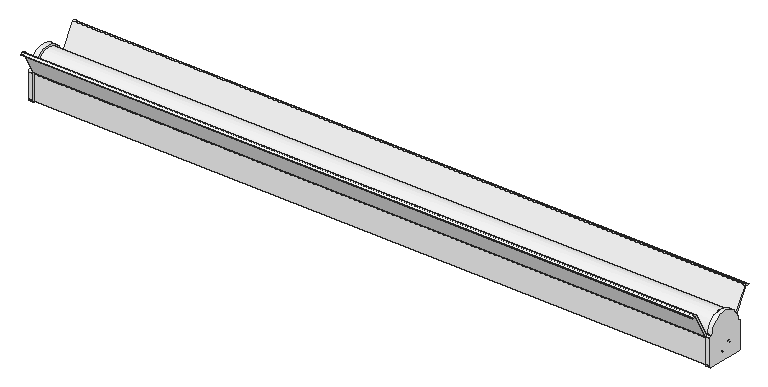
Revit family "0045185+0045233 Feilo Sylvania Lighting Fixture SYLBATTEN LED5-5 6000K TP3 with SYMMETRIC REFLECTOR ACCESSORY 1200MM", category Lighting Fixtures, host Face, Revit 2017
Family settings
  Host = Face
  Round Connector Dimension = Use Diameter
  Part Type = Normal
  OmniClass Number = 23.80.70.00
  OmniClass Title = Lighting
  Cut with Voids When Loaded = No
  Light Source = Yes
  Shared = No
  Room Calculation Point = No
Parameters (values of type "0045185 SYLBATTEN LED5.5 6000K TP3")
  Width_FEILO = 66 mm
  Weight = "2.558 kg"
  Wattage Comments = "n/a"
  Wattage = 53 W
  WarrantyStartDate [instance] = "n/a"
  WarrantyGuarantorParts = "n/a"
  WarrantyDurationUnit = "n/a"
  WarrantyDurationParts = "n/a"
  WarrantyDescription = "n/a"
  built-in parameter 1150110 = 1 (stored number, unit not read)
  Voltage = 230 V
  URL = "http://www.sylvania-lighting.com"
  TypeName = "SYLBATTEN LED5.5 6000K TP3"
  Type Image = <None>
  Type Comments = "n/a"
  built-in parameter 1114217 = 1 (stored number, unit not read)
  Tilt Angle = -90.00°
  built-in parameter 1150109 = 1 (stored number, unit not read)
  built-in parameter 1150134 = 5
  SymReflector_FEILO = yes
  built-in parameter 1150113 = 1 (stored number, unit not read)
  SerialNumber [instance] = "n/a"
  PowerFactor = 0
  PowerConsumption = "53 W"
  Photometric Web File = "0045185+0045233.ies"
  NominalLength = 1205 mm
  NominalHeight = 91 mm
  NominalDepth = 122 mm
  Name = "SYLBATTEN LED5.5 6000K TP3"
  ModelReference = Name  # "SYLBATTEN LED5.5 6000K TP3"
  ModelNumber = "0045185"
  Model = Name  # "SYLBATTEN LED5.5 6000K TP3"
  Material_4_FEILO = Reflector-Sylvania-Sylbatten-White
  Material_3_FEILO = Diffuser-Sylvania-Sylbatten-Glow
  Material_2_FEILO = Body-Sylvania-Sylbatten-White
  Material_1_FEILO = Body-Sylvania-Sylbatten-White
  Material = "sheet steel housing, polycarbonate diffuser"
  ManufacturerName = "Feilo Sylvania"
  Manufacturer = "Feilo Sylvania"
  LuminousEfficacy = "111 lm/W"
  built-in parameter 1150105 = 468.15 (stored number, unit not read)
  Lumens = 5883 lm
  LuminaireType = ""
  built-in parameter 1150115 = 1 (stored number, unit not read)
  LightOutputRatio = "100"
  built-in parameter 1150137 = (empty or 0)
  built-in parameter 1150139 = (empty or 0)
  Length_FEILO = 1205 mm
  LampsType = Lamp  # "LED"
  LampNominalLuminous = "5883 lm"
  LampMacAdamStep = "n/a"
  LampColourTemperature = "6000 K"
  LampColourRenderingIndex = "80"
  built-in parameter 1150112 = 1 (stored number, unit not read)
  built-in parameter 1150114 = 1 (stored number, unit not read)
  Lamp = "LED"
  Keynote = "16500"
  InstallationDate [instance] = "n/a"
  InputVoltage = "220-240V~"
  InputNominalFrequency = "n/a"
  built-in parameter 1150132 = (empty or 0)
  built-in parameter 1150102 = (empty or 0)
  built-in parameter 1150107 = 6000 (stored number, unit not read)
  built-in parameter 1150138 = (empty or 0)
  IngressProtection = "IP20"
  ImpactProtectionIndex = "IK07"
  built-in parameter 1150106 = 4.6815 (stored number, unit not read)
  IfcExportType = "IfcLightFixtureType"
  IfcExportAs = "IfcLightFixtureType"
  Height_FEILO = 76 mm
  ExpectedLife = 50000
  Emit from Rectangle Width = Length_FEILO - 16 mm  # 1189 mm
  Emit from Rectangle Length = Width_FEILO - 40 mm  # 26 mm
  Emit Shape Visible in Rendering = no
  ElectricShockClassification = "Class I"
  built-in parameter 1150104 = 10.312 (stored number, unit not read)
  DurationUnit = "hours"
  DocumentationLiterature = "http://www.sylvania-lighting.com/product/en-int/products/0045185"
  DimmingControlOptions = "n/a"
  Dimming Lamp Color Temperature Shift = <None>
  Description = "LED batten, T8 replacement, ease of installation through 2 part push-in design of the housing (safety cable included), through wiring capability (TP3 = 3 core), sheet steel, 5883M, 53W, 111lm/W, 6000K, drive current: 350mA, CRI 80, 138° wide beam angle, electronic driver (non dimmable), IP20, IK07, 50,000 hrs (L70), (LxWxH) 1205x66x76mm, 5 step MacAdam ellipse, 3kg, white RAL 9016, Class 1, 220-240V, energy class: A++, A+, A."
  Default Elevation = 1219.2 mm
  CreatedOn = "1/25/2018"
  CreatedBy = ""
  Cost = 0
  Color Filter = 16777215
  built-in parameter 1114216 [instance] = (empty or 0)
  ClassificationValue = "EF_70_80"
  ClassificationName = "Uniclass2015"
  CapOffset_FEILO = 2 mm
  BarCode [instance] = "n/a"
  built-in parameter 1114218 = 1 (stored number, unit not read)
  BackReflector_FEILO = and(not(AsymReflector_FEILO), SymReflector_FEILO)  # yes
  built-in parameter 1150133 = 10 (stored number, unit not read)
  FrontReflector_FEILO = or(AsymReflector_FEILO, SymReflector_FEILO)  # yes
  AsymReflector_FEILO = no
  AssetType = "Fixed"
  AssetIdentifier [instance] = "n/a"
  Assembly Code = "D5020200"
  Apparent Load = 53 VA
Reference planes
  plane 1 "Center (Front/Back)": y = 0
  plane 2: z = 0
  plane 3 "Center (Left/Right)": x = 0
  plane 4: x = 602.5
  plane 5: x = -602.5
  plane 6: y = 33
  plane 7: y = -33
  plane 8: z = 76
  plane 9: z = 47
  plane 10: y = -29
  plane 11: y = 29
  plane 12: z = 20
  plane 13: z = 74
  plane 14: y = -31
  plane 15: y = -27
  plane 16: y = 27
  plane 17: y = 31
  plane 18: z = 2
  plane 19: x = -594.5
  plane 20: x = 594.5
  plane 21: z = 49
  plane 22: y = 1
  plane 23: y = -1
  plane 24: z = 21
  plane 25: z = 19
  plane 26: y = -61
  plane 27: y = 61
  plane 28: y = -56
  plane 29: y = 56
  plane 30: z = 91
  plane 31: z = 88
Forms (mm)
  Extrusion 1, solid, material "Body-Sylvania-Sylbatten-White" <- "Material_2_FEILO"
    sketch origin (0, 0, 0) x (0, 1, 0) y (0, 0, 1)
      loop
        line (-31, 2) -> (31, 2) -> (31, 45)
        arc (31, 45) -> (30.414, 46.414) -> (29, 47) r 2
        line (29, 47) -> (27, 47)
        arc (27, 47) -> (0, 74) -> (-27, 47) r 27
        line (-27, 47) -> (-29, 47)
        arc (-29, 47) -> (-30.414, 46.414) -> (-31, 45) r 2
        line (-31, 45) -> (-31, 2)
    from -594.5 to 594.5
  Extrusion 2, solid, material "Body-Sylvania-Sylbatten-White" <- "Material_2_FEILO"
    sketch origin (602.5, 1524, 1219.2) x (0, 1, 0) y (0, 0, 1)
      loop
        arc (-1494, -1219.2) -> (-1491.879, -1218.321) -> (-1491, -1216.2) r 3
        line (-1491, -1216.2) -> (-1491, -1173.2)
        arc (-1491, -1173.2) -> (-1491.879, -1171.079) -> (-1494, -1170.2) r 3
        line (-1494, -1170.2) -> (-1495.069, -1170.2)
        arc (-1495.069, -1170.2) -> (-1524, -1143.2) -> (-1552.931, -1170.2) r 29
        line (-1552.931, -1170.2) -> (-1554, -1170.2)
        arc (-1554, -1170.2) -> (-1556.121, -1171.079) -> (-1557, -1173.2) r 3
        line (-1557, -1173.2) -> (-1557, -1216.2)
        arc (-1557, -1216.2) -> (-1556.121, -1218.321) -> (-1554, -1219.2) r 3
        line (-1554, -1219.2) -> (-1494, -1219.2)
      loop
        arc (-1525, -1189.25) -> (-1531.071, -1192.129) -> (-1533.95, -1198.2) r 10
        line (-1533.95, -1198.2) -> (-1532.944, -1198.2)
        arc (-1532.944, -1198.2) -> (-1530.364, -1192.836) -> (-1525, -1190.256) r 9
        line (-1525, -1190.256) -> (-1525, -1189.25)
      loop
        arc (-1523, -1190.256) -> (-1517.636, -1192.836) -> (-1515.056, -1198.2) r 9
        line (-1515.056, -1198.2) -> (-1514.05, -1198.2)
        arc (-1514.05, -1198.2) -> (-1516.929, -1192.129) -> (-1523, -1189.25) r 10
        line (-1523, -1189.25) -> (-1523, -1190.256)
      loop
        line (-1532.944, -1200.2) -> (-1533.95, -1200.2)
        arc (-1533.95, -1200.2) -> (-1531.071, -1206.271) -> (-1525, -1209.15) r 10
        line (-1525, -1209.15) -> (-1525, -1208.144)
        arc (-1525, -1208.144) -> (-1530.364, -1205.564) -> (-1532.944, -1200.2) r 9
      loop
        arc (-1515.056, -1200.2) -> (-1517.636, -1205.564) -> (-1523, -1208.144) r 9
        line (-1523, -1208.144) -> (-1523, -1209.15)
        arc (-1523, -1209.15) -> (-1516.929, -1206.271) -> (-1514.05, -1200.2) r 10
        line (-1514.05, -1200.2) -> (-1515.056, -1200.2)
    from 0 to -8
  Extrusion 3, solid, material "Body-Sylvania-Sylbatten-White" <- "Material_2_FEILO"
    sketch origin (-602.5, 1524, 1219.2) x (0, 1, 0) y (0, 0, 1)
      loop
        arc (-1495.069, -1170.2) -> (-1524, -1143.2) -> (-1552.931, -1170.2) r 29
        line (-1552.931, -1170.2) -> (-1554, -1170.2)
        arc (-1554, -1170.2) -> (-1556.121, -1171.079) -> (-1557, -1173.2) r 3
        line (-1557, -1173.2) -> (-1557, -1216.2)
        arc (-1557, -1216.2) -> (-1556.121, -1218.321) -> (-1554, -1219.2) r 3
        line (-1554, -1219.2) -> (-1494, -1219.2)
        arc (-1494, -1219.2) -> (-1491.879, -1218.321) -> (-1491, -1216.2) r 3
        line (-1491, -1216.2) -> (-1491, -1173.2)
        arc (-1491, -1173.2) -> (-1491.879, -1171.079) -> (-1494, -1170.2) r 3
        line (-1494, -1170.2) -> (-1495.069, -1170.2)
      loop
        line (-1533.95, -1198.2) -> (-1532.944, -1198.2)
        arc (-1532.944, -1198.2) -> (-1530.364, -1192.836) -> (-1525, -1190.256) r 9
        line (-1525, -1190.256) -> (-1525, -1189.25)
        arc (-1525, -1189.25) -> (-1531.071, -1192.129) -> (-1533.95, -1198.2) r 10
      loop
        line (-1523, -1189.25) -> (-1523, -1190.256)
        arc (-1523, -1190.256) -> (-1517.636, -1192.836) -> (-1515.056, -1198.2) r 9
        line (-1515.056, -1198.2) -> (-1514.05, -1198.2)
        arc (-1514.05, -1198.2) -> (-1516.929, -1192.129) -> (-1523, -1189.25) r 10
      loop
        line (-1514.05, -1200.2) -> (-1515.056, -1200.2)
        arc (-1515.056, -1200.2) -> (-1517.636, -1205.564) -> (-1523, -1208.144) r 9
        line (-1523, -1208.144) -> (-1523, -1209.15)
        arc (-1523, -1209.15) -> (-1516.929, -1206.271) -> (-1514.05, -1200.2) r 10
      loop
        line (-1525, -1209.15) -> (-1525, -1208.144)
        arc (-1525, -1208.144) -> (-1530.364, -1205.564) -> (-1532.944, -1200.2) r 9
        line (-1532.944, -1200.2) -> (-1533.95, -1200.2)
        arc (-1533.95, -1200.2) -> (-1531.071, -1206.271) -> (-1525, -1209.15) r 10
    from 0 to 8
  Extrusion 4, solid, material "Reflector-Sylvania-Sylbatten-White" <- "Material_4_FEILO", visible <- "FrontReflector_FEILO"
    sketch origin (0, 0, 0) x (0, 1, 0) y (0, 0, 1)
      loop
        line (-61.257, 88.429) -> (-60.743, 87.571) -> (-56.621, 90.044)
        arc (-56.621, 90.044) -> (-56.237, 90.099) -> (-55.929, 89.863) r 0.5
        line (-55.929, 89.863) -> (-31.435, 46.753) -> (-30.565, 47.247) -> (-55.312, 90.802)
        arc (-55.312, 90.802) -> (-55.928, 91.275) -> (-56.696, 91.165) r 1
        line (-56.696, 91.165) -> (-61.257, 88.429)
    from -594.5 to 594.5
  Extrusion 5, solid, material "Reflector-Sylvania-Sylbatten-White" <- "Material_4_FEILO", visible <- "BackReflector_FEILO"
    sketch origin (0, 0, 0) x (0, 1, 0) y (0, 0, 1)
      loop
        line (30.565, 47.247) -> (31.435, 46.753) -> (55.932, 89.868)
        arc (55.932, 89.868) -> (56.245, 90.112) -> (56.638, 90.062) r 0.518
        line (56.638, 90.062) -> (61.033, 87.565) -> (61.527, 88.435) -> (56.682, 91.188)
        arc (56.682, 91.188) -> (55.922, 91.282) -> (55.318, 90.812) r 1
        line (55.318, 90.812) -> (30.565, 47.247)
    from -594.5 to 594.5
Lines and regions (mm)
  reference lines
    curve 1: line (0, -61, 88) -> (0, -56, 91)
    curve 2: line (0, -56, 91) -> (0, -31, 47)
    curve 3: line (0, 31, 47) -> (0, 56, 91)
    curve 4: line (0, 56, 91) -> (0, 61.28, 88)
Dimensions and locks
  equal spacing: plane 5, plane 3 "Center (Left/Right)", plane 4
  equal spacing: plane 7, plane 1 "Center (Front/Back)", plane 6
  "Width_FEILO": plane 7 to plane 6
  "Length_FEILO": plane 5 to plane 4
  "Height_FEILO": plane 8 to plane 2
  locked: plane 9 to plane 8 at 29
  equal spacing: plane 10, plane 1 "Center (Front/Back)", plane 11
  locked: plane 7 to plane 10 at 4
  locked: plane 12 to plane 2 at 20
  "CapOffset_FEILO": plane 13 to plane 8
  "CapOffset_FEILO": plane 7 to plane 14
  "CapOffset_FEILO": plane 10 to plane 15
  "CapOffset_FEILO": plane 17 to plane 6
  "CapOffset_FEILO": plane 16 to plane 11
  "CapOffset_FEILO": plane 18 to plane 2
  locked: plane 14 to Extrusion 1 sketch curve at 2
  locked: Extrusion 1 sketch curve to plane 9 at 2  (x2)
  locked: plane 16 to Extrusion 1 sketch curve at 2
  equal spacing: plane 19, plane 3 "Center (Left/Right)", plane 20
  locked: plane 5 to plane 19 at 8
  "CapOffset_FEILO": plane 9 to plane 21
  locked: Extrusion 2 sketch curve to plane 2 at 47
  locked: Extrusion 1 sketch curve to plane 2 at 47
  locked: Extrusion 2 sketch curve to plane 2 at 3  (x2)
  locked: plane 7 to Extrusion 2 sketch curve at 3  (x2)
  locked: Extrusion 2 sketch curve to plane 6 at 3  (x2)
  locked: Extrusion 2 sketch curve to plane 21 at 3  (x2)
  equal spacing: plane 23, plane 1 "Center (Front/Back)", plane 22
  equal spacing: plane 25, plane 12, plane 24
  plane 30 to plane 31 to plane 2 = 3 mm locked, 88 mm locked
  plane 28 to plane 29 = 112 mm
  plane 26 to plane 27 = 122 mm
  aligned and locked: plane 2 to host face
  aligned and locked: level to host face
  aligned and locked: plane 18 to Extrusion 1 sketch curve
  aligned and locked: plane 14 to Extrusion 1 sketch curve
  aligned and locked: Extrusion 1 sketch curve to plane 9  (x2)
  aligned and locked: Extrusion 1 sketch curve to plane 17
  aligned and locked: plane 15 to Extrusion 1 sketch curve
  aligned and locked: plane 16 to Extrusion 1 sketch curve
  aligned and locked: plane 9 to Extrusion 1 sketch curve
  aligned and locked: plane 20 to Extrusion 1
  aligned and locked: level to Extrusion 2 sketch curve
  aligned and locked: Extrusion 2 sketch curve to plane 7
  aligned and locked: plane 21 to Extrusion 2 sketch curve
  aligned and locked: Extrusion 2 sketch curve to plane 21
  aligned and locked: plane 1 "Center (Front/Back)" to Extrusion 2 sketch curve  (x3)
  aligned and locked: Extrusion 2 to Extrusion 1
  aligned and locked: plane 4 to Extrusion 2
  aligned and locked: plane 12 to Extrusion 2 sketch curve  (x2)
  aligned and locked: Extrusion 2 sketch curve to plane 22
  aligned and locked: Extrusion 2 sketch curve to plane 23
  aligned and locked: Extrusion 2 sketch curve to plane 24
  aligned and locked: Extrusion 2 sketch curve to plane 25
  aligned and locked: plane 25 to Extrusion 2 sketch curve
  aligned and locked: plane 22 to Extrusion 2 sketch curve
  aligned and locked: plane 24 to Extrusion 2 sketch curve
  aligned and locked: plane 23 to Extrusion 2 sketch curve  (x2)
  aligned and locked: Extrusion 3 sketch curve to Extrusion 2  (x22)
  aligned and locked: Extrusion 3 to Extrusion 1
  aligned and locked: Extrusion 3 to plane 5
  aligned and locked: plane 19 to Extrusion 3
  aligned and locked: plane 31 to curve 1
  aligned and locked: plane 30 to curve 1
  aligned and locked: plane 14 to curve 2
  aligned and locked: plane 9 to curve 2
  aligned and locked: plane 17 to curve 3
  aligned and locked: plane 30 to curve 3
  aligned and locked: plane 31 to curve 4
  aligned and locked: Extrusion 4 sketch curve to curve 2
  aligned and locked: Extrusion 4 sketch curve to curve 1
  aligned and locked: Extrusion 4 to Extrusion 1
  aligned and locked: Extrusion 1 to Extrusion 4
  aligned and locked: imposter light to plane 1 "Center (Front/Back)"
  aligned and locked: imposter light to plane 3 "Center (Left/Right)"
  aligned and locked: imposter light to plane 13
  aligned and locked: Extrusion 5 sketch curve to curve 4
  aligned and locked: Extrusion 5 sketch curve to curve 3
  aligned and locked: Extrusion 1 to Extrusion 5
  aligned and locked: Extrusion 5 to Extrusion 1
Automatic sketch dimensions
  host sketch curve to host sketch curve = 2438.4 mm  (x2)
  Extrusion 2 sketch curve to Extrusion 2 sketch curve = 0 mm  (x14)
  Extrusion 2 sketch curve to plane 10 = 0.069 mm
  plane 23 to Extrusion 2 sketch curve = 8.95 mm
  Extrusion 2 sketch curve to Extrusion 2 sketch curve = 1.006 mm  (x4)
  Extrusion 2 sketch curve to plane 22 = 7.944 mm
  curve 1 to plane 26 = 0 mm
  curve 2 to plane 28 = 0 mm
  curve 4 to plane 29 = 0 mm
  plane 9 to curve 3 = 0 mm
  plane 26 to Extrusion 4 sketch curve = 0.257 mm
  Extrusion 4 sketch curve to plane 26 = 0.257 mm
  Extrusion 4 sketch curve to plane 30 = 0.165 mm
  plane 28 to Extrusion 4 sketch curve = 0.696 mm
  plane 28 to Extrusion 4 sketch curve = 0.621 mm
  plane 28 to Extrusion 4 sketch curve = 0.364 mm
  plane 28 to Extrusion 4 sketch curve = 0.182 mm
  Extrusion 4 sketch curve to plane 28 = 0.071 mm
  plane 30 to Extrusion 4 sketch curve = 0.198 mm
  Extrusion 4 sketch curve to plane 28 = 0.688 mm
  plane 9 to Extrusion 4 sketch curve = 0.247 mm
  plane 1 "Center (Front/Back)" to Extrusion 4 sketch curve = 31.435 mm
  Extrusion 5 sketch curve to plane 9 = 0.247 mm
  Extrusion 5 sketch curve to plane 1 "Center (Front/Back)" = 30.565 mm
  plane 9 to Extrusion 5 sketch curve = 0.247 mm
  plane 30 to Extrusion 5 sketch curve = 0.188 mm
  plane 29 to Extrusion 5 sketch curve = 0.068 mm
  Extrusion 5 sketch curve to plane 29 = 0.188 mm
  Extrusion 5 sketch curve to plane 29 = 0.382 mm
  Extrusion 5 sketch curve to Extrusion 5 sketch curve = 0.256 mm
  Extrusion 5 sketch curve to plane 30 = 0.188 mm
  Extrusion 5 sketch curve to plane 29 = 0.682 mm
  Extrusion 5 sketch curve to plane 27 = 0.033 mm
  Extrusion 5 sketch curve to plane 27 = 0.527 mm
Connectors
  electrical at (0, 0, 0), driven by "Apparent Load", driven by "PowerFactor", driven by "Voltage"
    settings: index 1, voltage 230 V, apparent load 53 VA, apparent load phase1 0 VA, apparent load phase2 0 VA, apparent load phase3 0 VA, power factor 0, load classification "Lighting", number of poles 1, system type 30, power factor state 1, is connector primary yes, connector utility no, sub classification motor no, connector description ""
